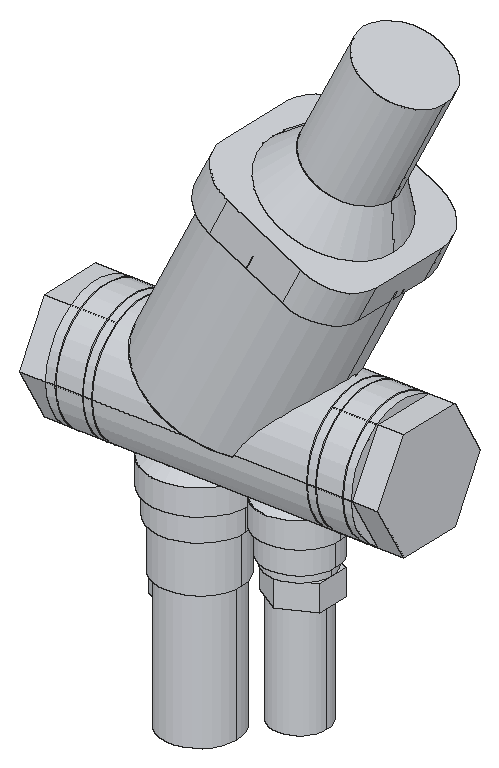
Revit family "Sigma_Compact_DN020 HF_s vyp_RFA_2019", category Pipe Accessories, Revit 2019
Family settings
  Round Connector Dimension = Use Diameter
  Part Type = Valve - Breaks Into
  Work Plane-Based = No
  Always vertical = Yes
  Cut with Voids When Loaded = No
  Shared = No
Parameters (values of type "Sigma Compact DN 20 HF s vypouštěním")
  magiProductId = "4de04bc937484e42b40234d175e017"
  magiProductFamilyId = "d1104e7aca644fe4921023cda881a0"
  magiPartTypeId = 304
  isMeasuringValve [instance] = no
  ang2D [instance] = 0.00°
  Z6 = 26.1 mm
  Z5 = 60.9 mm
  Z4 = 52.2 mm
  Z3 = 8.7 mm
  Z2 = 43.5 mm
  XR2 = 25 mm
  XR1 = 13 mm
  W2D = 15 mm
  VersionID = "2.0/2018.12.13.2/FRESE_SIGMA_PLUG_Q13_001"
  Use Minimum Symbol Size [instance] = no
  URL = "www.hydronic.cz"
  Type Comments = "závitový; vnitřní závit; PN25; max dp=400kPa; -10~+120°C; max uzavírací tlak 1MPa"
  R4 = 15 mm
  R3 = 10 mm
  R2 = 14 mm
  R1 = 19 mm
  QmdConnectorList = "301;D;302;D"
  Productdata [instance] = ""
  NL__ve = -NL  # -15.8 mm
  NL = 15.8 mm
  Manufacturer = "Hydronic System Prague s.r.o."
  MC Use Limits From Balancing Method = no
  MC Throttling Minimum Value = 0
  MC Throttling Maximum Value = 0
  MC Product Code = "53-2223 DN20 FF s měřením a vypouštěním; (102-1930 l/h); kvs=4,0"
  MC Pressure Drop Minimum Value = 0.0 Pa
  MC Pressure Drop Maximum Value = 0.0 Pa
  MC Piping Given Pressure Drop [instance] = 0.0 Pa
  M5 = 33.7 mm
  M4 = 31.7 mm
  M3 = 25.7 mm
  M2 = 23.7 mm
  LP = 39.5 mm
  LM = 47.4 mm
  LL__ve = -LL  # -5.7 mm
  LLT__ve = -LLT  # -14.9 mm
  LLT = 14.9 mm
  LLL = 11 mm
  LL3 = 41 mm
  LL2 = 32 mm
  LL = 5.7 mm
  L3 = 11 mm
  L2D_Min = 30.48 mm
  L2D = 65 mm
  Description = "Automatický vyvažovací ventil"
  DR1 = yes
  DR0 = no
  DL2 = 66 mm
  D = 20 mm
  CenSd_R2_6 = R2 * cos(30.00°)  # 12.124 mm
  CAT0 = yes
  C0D1 = yes
  C0D0 = no
Types (3, lengths in mm): name | magiProductId | Z6 | Z5 | Z4 | Z3 | Z2 | R2 | NL__ve | NL | MC Product Code | M5 | M4 | M3 | M2 | LP | LM | LL__ve | LLT__ve | LLT | LL3 | LL2 | LL | DL2 | D | CenSd_R2_6
  Sigma Compact DN 15 HF s vypouštěním | "e0eed5f915b34df8bba526f8d48f95" | 26.1 | 60.9 | 52.2 | 8.7 | 43.5 | 14 | -15 | 15 | "53-2221 DN15 FF s měřením a vypouštěním; (60-1080 l/h); kvs=2,6" | 32.5 | 30.5 | 24.5 | 22.5 | 37.5 | 45 | -5.7 | -14.9 | 14.9 | 41 | 32 | 5.7 | 66 | 15 | 12.124
  Sigma Compact DN 20 HF s vypouštěním | "4de04bc937484e42b40234d175e017" | 26.1 | 60.9 | 52.2 | 8.7 | 43.5 | 14 | -15.8 | 15.8 | "53-2223 DN20 FF s měřením a vypouštěním; (102-1930 l/h); kvs=4,0" | 33.7 | 31.7 | 25.7 | 23.7 | 39.5 | 47.4 | -5.7 | -14.9 | 14.9 | 41 | 32 | 5.7 | 66 | 20 | 12.124
  Sigma Compact DN 25 HF s vypouštěním | "353cd751c7f74c09a1eb930e23bd36" | 27 | 63 | 54 | 9 | 45 | 18 | -16.6 | 16.6 | "53-2229 DN25 FF s měřením a vypouštěním; (137-2400 l/h); kvs=4,2" | 34.9 | 32.9 | 26.9 | 24.9 | 41.5 | 49.8 | -5.9 | -16.3 | 16.3 | 43 | 34 | 5.9 | 68 | 25 | 15.588
Reference planes
  plane 1 "Center (Front/Back)": y = 0
  plane 2 "XYPLANE": z = 0
  plane 3 "Center (Left/Right)": x = 0
  plane 4 "408": x = 39.5
  plane 5 "407": x = -39.5
  plane 6 "404": z = -35.3
  plane 7 "403": z = -41
  plane 8 "402": z = -66
  plane 9 "213": x = -11
  plane 10 "168": z = -10.9
  plane 11 "167": z = -12.9
  plane 12 "166": z = -18.6
  plane 13 "165": z = -24.3
  plane 14 "164": z = -26.3
  plane 15 "154": z = 0
  plane 16 "152": y = 0
  plane 17 "151": z = -32
  plane 18 "150": x = 11
  plane 19 "75": through (318.218, 0, 679.605) normal (0.891, 0, -0.454)
  plane 20 "74": x = 33.7
  plane 21 "73": x = 31.7
  plane 22 "72": x = 25.7
  plane 23 "71": x = 23.7
  plane 24 "70": x = -33.7
  plane 25 "69": x = -31.7
  plane 26 "68": x = -25.7
  plane 27 "67": y = 0
  plane 28 "66": through (-666.893, 0, 343.166) normal (0.454, 0, 0.891)
  plane 29 "65": x = -23.7
  plane 30 "64": through (335.147, 0, 670.979) normal (0.891, 0, -0.454)
  plane 31 "63": through (-648.506, 0, 379.252) normal (0.454, 0, 0.891)
  plane 32 "62": through (352.076, 0, 662.353) normal (0.891, 0, -0.454)
  plane 33 "61": y = 19
  plane 34 "60": y = -19
  plane 35 "59": through (-644.557, 0, 387.003) normal (0.454, 0, 0.891)
  plane 36 "58": through (-640.607, 0, 394.755) normal (0.454, 0, 0.891)
  plane 37 "56": x = 0
  plane 38 "55": through (-668.255, 0, 340.493) normal (0.454, 0, 0.891)
  plane 39 "102XY": through (-668.255, 0, 340.493) normal (0.454, 0, 0.891)
  plane 40 "102XZ": y = 0
  plane 41 "102YZ": through (340.493, 0, 668.255) normal (0.891, 0, -0.454)
Forms (mm)
  Extrusion 1, solid
    sketch origin (39.5, -750, 0) x (0, 1, 0) y (0, 0, 1)
      loop
        line (764, 0) -> (757, 12.124) -> (743, 12.124) -> (736, 0) -> (743, -12.124) -> (757, -12.124) -> (764, 0)
    from 0 to -15.8 <- "NL__ve"
  Extrusion 2, solid
    sketch origin (-39.5, -750, 0) x (0, 1, 0) y (0, 0, 1)
      loop
        line (736, 0) -> (743, -12.124) -> (757, -12.124) -> (764, 0) -> (757, 12.124) -> (743, 12.124) -> (736, 0)
    from 0 to 15.8 <- "NL"
  Extrusion 3, solid, visible <- "C0D1"
    sketch origin (-750, 0, -66) x (1, 0, 0) y (0, 1, 0)
      loop
        circle (739, 0) r 8.2
    from 0 to 50
  Extrusion 4, solid, visible <- "DR1"
    sketch origin (-750, 0, -35.3) x (1, 0, 0) y (0, 1, 0)
      loop
        line (739, -8) -> (745.928, -4) -> (745.928, 4) -> (739, 8) -> (730.872, 4) -> (730.872, -4) -> (739, -8)
    from 0 to -5.7 <- "LL__ve"
  Extrusion 5, solid, visible <- "DR1"
    sketch origin (-750, 0, -35.3) x (1, 0, 0) y (0, 1, 0)
      loop
        circle (739, 0) r 9.2
    from 0 to 11 <- "LLL"
  Extrusion 6, solid, visible <- "DR1"
    sketch origin (-750, 0, -24.3) x (1, 0, 0) y (0, 1, 0)
      loop
        circle (739, 0) r 10.2
    from 0 to 5.7 <- "LL"
  Extrusion 7, solid, visible <- "DR1"
    sketch origin (-750, 0, -18.6) x (1, 0, 0) y (0, 1, 0)
      loop
        circle (739, 0) r 11.2
    from 0 to 5.7 <- "LL"
  Blend 8, solid, visible <- "DR1"
    base sketch origin (-750, 0, -10.9) x (1, 0, 0) y (0, 1, 0)
      loop
        circle (739, 0) r 8.7
    top sketch origin (-750, 0, -10.9) x (1, 0, 0) y (0, 1, 0)
      loop
        circle (739, 0) r 11.2
    from 0 to -2
  Extrusion 9, solid, visible <- "DR1"
    sketch origin (-750, 0, 0) x (1, 0, 0) y (0, 1, 0)
      loop
        circle (739, 0) r 8.7
    from 0 to -14.9 <- "LLT__ve"
  Extrusion 10, solid, visible <- "C0D0"
    sketch origin (-750, 0, -32) x (1, 0, 0) y (0, 1, 0)
      loop
        circle (739, 0) r 7.2
    from 0 to -25
  Extrusion 11, solid, visible <- "DR0"
    sketch origin (-750, 0, -26.3) x (1, 0, 0) y (0, 1, 0)
      loop
        line (739, -7) -> (745.062, -3.5) -> (745.062, 3.5) -> (739, 7) -> (731.738, 3.5) -> (731.738, -3.5) -> (739, -7)
    from 0 to -5.7 <- "LL__ve"
  Extrusion 12, solid, visible <- "DR0"
    sketch origin (-750, 0, -26.3) x (1, 0, 0) y (0, 1, 0)
      loop
        circle (739, 0) r 8.2
    from 0 to 2
  Extrusion 13, solid, visible <- "DR0"
    sketch origin (-750, 0, -18.6) x (1, 0, 0) y (0, 1, 0)
      loop
        circle (739, 0) r 10.2
    from 0 to 5.7 <- "LL"
  Blend 14, solid, visible <- "DR0"
    base sketch origin (-750, 0, -10.9) x (1, 0, 0) y (0, 1, 0)
      loop
        circle (739, 0) r 7.7
    top sketch origin (-750, 0, -10.9) x (1, 0, 0) y (0, 1, 0)
      loop
        circle (739, 0) r 10.2
    from 0 to -2
  Extrusion 15, solid, visible <- "DR0"
    sketch origin (-750, 0, 0) x (1, 0, 0) y (0, 1, 0)
      loop
        circle (739, 0) r 7.7
    from 0 to -14.9 <- "LLT__ve"
  Extrusion 16, solid, visible <- "DR0"
    sketch origin (-750, 0, 0) x (1, 0, 0) y (0, 1, 0)
      loop
        circle (739, 0) r 7.7
    from 0 to -14.9 <- "LLT__ve"
  Blend 17, solid, visible <- "DR0"
    base sketch origin (-750, 0, -10.9) x (1, 0, 0) y (0, 1, 0)
      loop
        circle (739, 0) r 7.7
    top sketch origin (-750, 0, -10.9) x (1, 0, 0) y (0, 1, 0)
      loop
        circle (739, 0) r 10.2
    from 0 to -2
  Extrusion 18, solid, visible <- "DR0"
    sketch origin (-750, 0, -18.6) x (1, 0, 0) y (0, 1, 0)
      loop
        circle (739, 0) r 10.2
    from 0 to 5.7 <- "LL"
  Extrusion 19, solid, visible <- "DR0"
    sketch origin (-750, 0, -24.3) x (1, 0, 0) y (0, 1, 0)
      loop
        circle (739, 0) r 9.2
    from 0 to 5.7 <- "LL"
  Extrusion 20, solid, visible <- "DR0"
    sketch origin (-750, 0, -26.3) x (1, 0, 0) y (0, 1, 0)
      loop
        circle (739, 0) r 8.2
    from 0 to 2
  Extrusion 21, solid, visible <- "DR0"
    sketch origin (-750, 0, -26.3) x (1, 0, 0) y (0, 1, 0)
      loop
        line (739, -7) -> (745.062, -3.5) -> (745.062, 3.5) -> (739, 7) -> (731.738, 3.5) -> (731.738, -3.5) -> (739, -7)
    from 0 to -5.7 <- "LL__ve"
  Extrusion 22, solid, visible <- "C0D0"
    sketch origin (-750, 0, -32) x (1, 0, 0) y (0, 1, 0)
      loop
        circle (739, 0) r 7.2
    from 0 to -25
  Extrusion 23, solid, visible <- "CAT0"
    sketch origin (-750, 0, -32) x (1, 0, 0) y (0, 1, 0)
      loop
        circle (761, 0) r 6
    from 0 to -25
  Extrusion 24, solid
    sketch origin (-750, 0, -26.3) x (1, 0, 0) y (0, 1, 0)
      loop
        line (761, -7) -> (768.262, -3.5) -> (768.262, 3.5) -> (761, 7) -> (754.938, 3.5) -> (754.938, -3.5) -> (761, -7)
    from 0 to -5.7 <- "LL__ve"
  Extrusion 25, solid
    sketch origin (-750, 0, -26.3) x (1, 0, 0) y (0, 1, 0)
      loop
        circle (761, 0) r 7
    from 0 to 2
  Extrusion 26, solid
    sketch origin (-750, 0, -24.3) x (1, 0, 0) y (0, 1, 0)
      loop
        circle (761, 0) r 8
    from 0 to 5.7 <- "LL"
  Extrusion 27, solid
    sketch origin (-750, 0, -18.6) x (1, 0, 0) y (0, 1, 0)
      loop
        circle (761, 0) r 9
    from 0 to 5.7 <- "LL"
  Blend 28, solid
    base sketch origin (-750, 0, -10.9) x (1, 0, 0) y (0, 1, 0)
      loop
        circle (761, 0) r 6.5
    top sketch origin (-750, 0, -10.9) x (1, 0, 0) y (0, 1, 0)
      loop
        circle (761, 0) r 9
    from 0 to -2
  Extrusion 29, solid
    sketch origin (-750, 0, 0) x (1, 0, 0) y (0, 1, 0)
      loop
        circle (761, 0) r 6.5
    from 0 to -14.9 <- "LLT__ve"
  Blend 30, solid, visible <- "CAT0"
    base sketch origin (31.7, -750, 0) x (0, 1, 0) y (0, 0, 1)
      loop
        circle (750, 0) r 14
    top sketch origin (31.7, -750, 0) x (0, 1, 0) y (0, 0, 1)
      loop
        circle (750, 0) r 14
    from 0 to 2
  Extrusion 31, solid, visible <- "CAT0"
    sketch origin (25.7, -750, 0) x (0, 1, 0) y (0, 0, 1)
      loop
        circle (750, 0) r 14
    from 0 to 6
  Blend 32, solid, visible <- "CAT0"
    base sketch origin (23.7, -750, 0) x (0, 1, 0) y (0, 0, 1)
      loop
        circle (750, 0) r 14
    top sketch origin (23.7, -750, 0) x (0, 1, 0) y (0, 0, 1)
      loop
        circle (750, 0) r 14
    from 0 to 2
  Blend 33, solid, visible <- "CAT0"
    base sketch origin (-31.7, -750, 0) x (0, 1, 0) y (0, 0, 1)
      loop
        circle (750, 0) r 14
    top sketch origin (-31.7, -750, 0) x (0, 1, 0) y (0, 0, 1)
      loop
        circle (750, 0) r 14
    from 0 to -2
  Extrusion 34, solid, visible <- "CAT0"
    sketch origin (-31.7, -750, 0) x (0, 1, 0) y (0, 0, 1)
      loop
        circle (750, 0) r 14
    from 0 to 6
  Blend 35, solid, visible <- "CAT0"
    base sketch origin (-25.7, -750, 0) x (0, 1, 0) y (0, 0, 1)
      loop
        circle (750, 0) r 14
    top sketch origin (-25.7, -750, 0) x (0, 1, 0) y (0, 0, 1)
      loop
        circle (750, 0) r 14
    from 0 to 2
  Extrusion 36, solid, visible <- "CAT0"
    sketch origin (-23.7, -750, 0) x (0, 1, 0) y (0, 0, 1)
      loop
        circle (750, 0) r 14
    from 0 to 47.4 <- "LM"
  Extrusion 37, solid, visible <- "CAT0"
    sketch origin (-666.893, 0, 343.166) x (0.891007, 0, -0.45399) y (0, 1, 0)
      loop
        circle (744, 0) r 19
    from 0 to 43.5 <- "Z2"
  Extrusion 38, solid, visible <- "CAT0"
    sketch origin (-648.506, 0, 379.252) x (0.891007, 0, -0.45399) y (0, 1, 0)
      loop
        arc (735, 19) -> (727.929, 16.071) -> (725, 9) r 10
        line (725, 9) -> (725, -9)
        arc (725, -9) -> (727.929, -16.071) -> (735, -19) r 10
        line (735, -19) -> (753, -19)
        arc (753, -19) -> (760.071, -16.071) -> (763, -9) r 10
        line (763, -9) -> (763, 9)
        arc (763, 9) -> (760.071, 16.071) -> (753, 19) r 10
        line (753, 19) -> (735, 19)
    from 0 to 8.7 <- "Z3"
  Blend 39, solid, visible <- "CAT0"
    base sketch origin (-644.557, 0, 387.003) x (0.891007, 0, -0.45399) y (0, 1, 0)
      loop
        circle (744, 0) r 15
    top sketch origin (-644.557, 0, 387.003) x (0.891007, 0, -0.45399) y (0, 1, 0)
      loop
        circle (744, 0) r 10
    from 0 to 8.7
  Extrusion 40, solid, visible <- "CAT0"
    sketch origin (-640.607, 0, 394.755) x (0.891007, 0, -0.45399) y (0, 1, 0)
      loop
        circle (744, 0) r 10
    from 0 to 26.1 <- "Z6"
  Blend 41, solid, visible <- "CAT0"
    base sketch origin (-668.255, 0, 340.493) x (0.891007, 0, -0.45399) y (0, 1, 0)
      loop
        circle (744, 0) r 15
    top sketch origin (-668.255, 0, 340.493) x (0.891007, 0, -0.45399) y (0, 1, 0)
      loop
        circle (744, 0) r 19
    from 0 to 3
  Extrusion 42, solid, not visible
    sketch origin (-33.7, -750, 0) x (0, 1, 0) y (0, 0, 1)
      loop
        circle (750, 0) r 10
    from 0 to 10
  Extrusion 43, solid, not visible
    sketch origin (33.7, -750, 0) x (0, 1, 0) y (0, 0, 1)
      loop
        circle (750, 0) r 10
    from 0 to -10
Lines and regions (mm)
  reference lines, not visible
    curve 1: circle (2, 2, 0) r 1 normal (0, 0, 1)
  reference lines
    curve 2: line (39.5, 0, 0) -> (39.5, -3.5, 6.062)
    curve 3: line (39.5, 0, 0) -> (39.5, -7, 0)
    curve 4: line (39.5, 0, 0) -> (39.5, -3.5, -6.062)
    curve 5: line (-39.5, 0, 0) -> (-39.5, 3.5, 6.062)
    curve 6: line (-39.5, 0, 0) -> (-39.5, 7, 0)
    curve 7: line (-39.5, 0, 0) -> (-39.5, 3.5, -6.062)
Dimensions and locks
  plane 1 "Center (Front/Back)" to curve 1 = 2 mm
  "LP": plane 37 "56" to plane 4 "408"
  "LP": plane 37 "56" to plane 5 "407"
  "LL": plane 7 "403" to plane 6 "404"
  "LL3": plane 2 "XYPLANE" to plane 7 "403"
  "DL2": plane 2 "XYPLANE" to plane 8 "402"
  "L3": plane 3 "Center (Left/Right)" to plane 9 "213"
  locked: plane 11 "167" to plane 10 "168" at 2
  "LL": plane 12 "166" to plane 11 "167"
  "LL": plane 13 "165" to plane 12 "166"
  locked: plane 14 "164" to plane 13 "165" at 2
  "LL": plane 17 "151" to plane 14 "164"
  locked: plane 2 "XYPLANE" to plane 15 "154"
  locked: plane 1 "Center (Front/Back)" to plane 16 "152"
  "LL2": plane 2 "XYPLANE" to plane 17 "151"
  "L3": plane 3 "Center (Left/Right)" to plane 18 "150"
  "XR2": plane 41 "102YZ" to plane 19 "75"
  "M5": plane 3 "Center (Left/Right)" to plane 20 "74"
  "M4": plane 3 "Center (Left/Right)" to plane 21 "73"
  "M3": plane 3 "Center (Left/Right)" to plane 22 "72"
  "M2": plane 3 "Center (Left/Right)" to plane 23 "71"
  "M5": plane 3 "Center (Left/Right)" to plane 24 "70"
  "M4": plane 3 "Center (Left/Right)" to plane 25 "69"
  "M3": plane 3 "Center (Left/Right)" to plane 26 "68"
  locked: plane 16 "152" to plane 27 "67"
  locked: plane 39 "102XY" to plane 28 "66" at 3
  "M2": plane 3 "Center (Left/Right)" to plane 29 "65"
  locked: plane 41 "102YZ" to plane 30 "64" at 6
  "Z2": plane 39 "102XY" to plane 31 "63"
  "XR1": plane 41 "102YZ" to plane 32 "62"
  "R1": plane 16 "152" to plane 33 "61"
  "R1": plane 16 "152" to plane 34 "60"
  "Z4": plane 39 "102XY" to plane 35 "59"
  "Z5": plane 39 "102XY" to plane 36 "58"
  locked: plane 3 "Center (Left/Right)" to plane 37 "56"
  locked: plane 39 "102XY" to plane 38 "55"
  "CenSd_R2_6": curve 2 to Extrusion 1 sketch curve  (x2)
  "CenSd_R2_6": curve 3 to Extrusion 1 sketch curve  (x2)
  "CenSd_R2_6": curve 4 to Extrusion 1 sketch curve  (x2)
  Extrusion 1 sketch curve to Extrusion 1 sketch curve = 0 mm  (x12)
  "CenSd_R2_6": curve 5 to Extrusion 2 sketch curve  (x2)
  "CenSd_R2_6": curve 6 to Extrusion 2 sketch curve  (x2)
  "CenSd_R2_6": curve 7 to Extrusion 2 sketch curve  (x2)
  Extrusion 2 sketch curve to Extrusion 2 sketch curve = 0 mm  (x12)
  Extrusion 4 sketch curve to Extrusion 4 sketch curve = 0 mm  (x12)
  Extrusion 11 sketch curve to Extrusion 11 sketch curve = 0 mm  (x12)
  Extrusion 21 sketch curve to Extrusion 21 sketch curve = 0 mm  (x12)
  Extrusion 24 sketch curve to Extrusion 24 sketch curve = 0 mm  (x12)
  Extrusion 38 sketch curve to Extrusion 38 sketch curve = 0 mm  (x16)
  "R2": radius of Blend 30 sketch curve  (x2)
  "R2": radius of Extrusion 31 sketch curve
  "R2": radius of Blend 32 sketch curve  (x2)
  "R2": radius of Blend 33 sketch curve  (x2)
  "R2": radius of Extrusion 34 sketch curve
  "R2": radius of Blend 35 sketch curve  (x2)
  "R2": radius of Extrusion 36 sketch curve
  "R1": radius of Extrusion 37 sketch curve
  radius of Extrusion 38 sketch curve = 10 mm  (x4)
  "R3": radius of Blend 39 sketch curve
  "R4": radius of Blend 39 sketch curve
  "R3": radius of Extrusion 40 sketch curve
  "R1": radius of Blend 41 sketch curve
  locked: curve 3 to curve 2 (angle 60.00°)
  locked: curve 4 to curve 3 (angle 60.00°)
  locked: curve 4 to curve 2 (angle 120.00°)
  locked: curve 6 to curve 5 (angle 60.00°)
  locked: curve 7 to curve 6 (angle 60.00°)
  locked: curve 7 to curve 5 (angle 120.00°)
  aligned and locked: level to plane 2 "XYPLANE"
  aligned and locked: plane 15 "154" to curve 4
  aligned and locked: curve 4 to plane 16 "152"
  aligned and locked: plane 15 "154" to curve 7
  aligned and locked: curve 7 to plane 16 "152"
  aligned and locked: plane 9 "213" to Extrusion 3 sketch curve
  aligned and locked: plane 16 "152" to Extrusion 3 sketch curve
  aligned and locked: plane 9 "213" to Extrusion 5 sketch curve
  aligned and locked: plane 16 "152" to Extrusion 5 sketch curve
  aligned and locked: plane 9 "213" to Extrusion 6 sketch curve
  aligned and locked: plane 16 "152" to Extrusion 6 sketch curve
  aligned and locked: plane 9 "213" to Extrusion 7 sketch curve
  aligned and locked: plane 16 "152" to Extrusion 7 sketch curve
  aligned and locked: plane 9 "213" to Blend 8 sketch curve  (x2)
  aligned and locked: plane 16 "152" to Blend 8 sketch curve  (x2)
  aligned and locked: Blend 8 to plane 11 "167"
  aligned and locked: plane 9 "213" to Extrusion 9 sketch curve
  aligned and locked: plane 16 "152" to Extrusion 9 sketch curve
  aligned and locked: plane 9 "213" to Extrusion 10 sketch curve
  aligned and locked: plane 16 "152" to Extrusion 10 sketch curve
  aligned and locked: plane 9 "213" to Extrusion 12 sketch curve
  aligned and locked: plane 16 "152" to Extrusion 12 sketch curve
  aligned and locked: plane 9 "213" to Extrusion 13 sketch curve
  aligned and locked: plane 16 "152" to Extrusion 13 sketch curve
  aligned and locked: plane 9 "213" to Blend 14 sketch curve  (x2)
  aligned and locked: plane 16 "152" to Blend 14 sketch curve  (x2)
  aligned and locked: Blend 14 to plane 11 "167"
  aligned and locked: plane 9 "213" to Extrusion 15 sketch curve
  aligned and locked: plane 16 "152" to Extrusion 15 sketch curve
  aligned and locked: plane 9 "213" to Extrusion 16 sketch curve
  aligned and locked: plane 16 "152" to Extrusion 16 sketch curve
  aligned and locked: plane 9 "213" to Blend 17 sketch curve  (x2)
  aligned and locked: plane 16 "152" to Blend 17 sketch curve  (x2)
  aligned and locked: Blend 17 to plane 11 "167"
  aligned and locked: plane 9 "213" to Extrusion 18 sketch curve
  aligned and locked: plane 16 "152" to Extrusion 18 sketch curve
  aligned and locked: plane 9 "213" to Extrusion 19 sketch curve
  aligned and locked: plane 16 "152" to Extrusion 19 sketch curve
  aligned and locked: plane 9 "213" to Extrusion 20 sketch curve
  aligned and locked: plane 16 "152" to Extrusion 20 sketch curve
  aligned and locked: plane 9 "213" to Extrusion 22 sketch curve
  aligned and locked: plane 16 "152" to Extrusion 22 sketch curve
  aligned and locked: plane 16 "152" to Extrusion 23 sketch curve
  aligned and locked: plane 18 "150" to Extrusion 23 sketch curve
  aligned and locked: plane 16 "152" to Extrusion 25 sketch curve
  aligned and locked: plane 18 "150" to Extrusion 25 sketch curve
  aligned and locked: plane 16 "152" to Extrusion 26 sketch curve
  aligned and locked: plane 18 "150" to Extrusion 26 sketch curve
  aligned and locked: plane 16 "152" to Extrusion 27 sketch curve
  aligned and locked: plane 18 "150" to Extrusion 27 sketch curve
  aligned and locked: plane 16 "152" to Blend 28 sketch curve  (x2)
  aligned and locked: plane 18 "150" to Blend 28 sketch curve  (x2)
  aligned and locked: Blend 28 to plane 11 "167"
  aligned and locked: plane 16 "152" to Extrusion 29 sketch curve
  aligned and locked: plane 18 "150" to Extrusion 29 sketch curve
  aligned and locked: plane 15 "154" to Blend 30 sketch curve  (x2)
  aligned and locked: Blend 30 sketch curve to plane 16 "152"  (x2)
  aligned and locked: plane 20 "74" to Blend 30
  aligned and locked: plane 15 "154" to Extrusion 31 sketch curve
  aligned and locked: Extrusion 31 sketch curve to plane 16 "152"
  aligned and locked: plane 15 "154" to Blend 32 sketch curve  (x2)
  aligned and locked: Blend 32 sketch curve to plane 16 "152"  (x2)
  aligned and locked: plane 22 "72" to Blend 32
  aligned and locked: plane 15 "154" to Blend 33 sketch curve  (x2)
  aligned and locked: Blend 33 sketch curve to plane 16 "152"  (x2)
  aligned and locked: Blend 33 to plane 24 "70"
  aligned and locked: plane 15 "154" to Extrusion 34 sketch curve
  aligned and locked: Extrusion 34 sketch curve to plane 16 "152"
  aligned and locked: plane 15 "154" to Blend 35 sketch curve  (x2)
  aligned and locked: Blend 35 sketch curve to plane 16 "152"  (x2)
  aligned and locked: plane 29 "65" to Blend 35
  aligned and locked: plane 15 "154" to Extrusion 36 sketch curve
  aligned and locked: Extrusion 36 sketch curve to plane 16 "152"
  aligned and locked: plane 27 "67" to Extrusion 37 sketch curve
  aligned and locked: Extrusion 37 sketch curve to plane 30 "64"
  aligned and locked: Extrusion 38 sketch curve to plane 19 "75"
  aligned and locked: Extrusion 38 sketch curve to plane 34 "60"
  aligned and locked: Extrusion 38 sketch curve to plane 32 "62"
  aligned and locked: plane 33 "61" to Extrusion 38 sketch curve
  aligned and locked: plane 27 "67" to Blend 39 sketch curve  (x2)
  aligned and locked: Blend 39 sketch curve to plane 30 "64"  (x2)
  aligned and locked: plane 36 "58" to Blend 39
  aligned and locked: plane 27 "67" to Extrusion 40 sketch curve
  aligned and locked: Extrusion 40 sketch curve to plane 30 "64"
  aligned and locked: plane 27 "67" to Blend 41 sketch curve  (x2)
  aligned and locked: Blend 41 sketch curve to plane 30 "64"  (x2)
  aligned and locked: plane 28 "66" to Blend 41
  aligned and locked: plane 15 "154" to Extrusion 42 sketch curve
  aligned and locked: Extrusion 42 sketch curve to plane 16 "152"
  aligned and locked: plane 15 "154" to Extrusion 43 sketch curve
  aligned and locked: Extrusion 43 sketch curve to plane 16 "152"
Automatic sketch dimensions
  plane 29 "65" to Extrusion 3 sketch curve = 4.5 mm
  Extrusion 4 sketch curve to plane 9 "213" = 0 mm  (x2)
  plane 29 "65" to Extrusion 4 sketch curve = 4.572 mm
  Extrusion 4 sketch curve to plane 3 "Center (Left/Right)" = 4.072 mm
  plane 1 "Center (Front/Back)" to Extrusion 4 sketch curve = 8 mm
  plane 1 "Center (Front/Back)" to Extrusion 4 sketch curve = 4 mm  (x2)
  Extrusion 4 sketch curve to plane 1 "Center (Front/Back)" = 4 mm  (x2)
  Extrusion 4 sketch curve to Extrusion 4 sketch curve = 4 mm
  plane 29 "65" to Extrusion 5 sketch curve = 3.5 mm
  plane 29 "65" to Extrusion 6 sketch curve = 2.5 mm
  plane 29 "65" to Extrusion 7 sketch curve = 1.5 mm
  plane 29 "65" to Blend 8 sketch curve = 4 mm
  plane 29 "65" to Blend 8 sketch curve = 1.5 mm
  plane 29 "65" to Extrusion 9 sketch curve = 4 mm
  plane 29 "65" to Extrusion 10 sketch curve = 5.5 mm
  Extrusion 11 sketch curve to plane 9 "213" = 0 mm  (x2)
  plane 29 "65" to Extrusion 11 sketch curve = 5.438 mm
  Extrusion 11 sketch curve to plane 3 "Center (Left/Right)" = 4.938 mm
  plane 1 "Center (Front/Back)" to Extrusion 11 sketch curve = 7 mm
  plane 1 "Center (Front/Back)" to Extrusion 11 sketch curve = 3.5 mm  (x2)
  Extrusion 11 sketch curve to plane 1 "Center (Front/Back)" = 3.5 mm  (x2)
  Extrusion 11 sketch curve to Extrusion 11 sketch curve = 3.5 mm
  plane 29 "65" to Extrusion 12 sketch curve = 4.5 mm
  plane 29 "65" to Extrusion 13 sketch curve = 2.5 mm
  plane 29 "65" to Blend 14 sketch curve = 5 mm
  plane 29 "65" to Blend 14 sketch curve = 2.5 mm
  plane 29 "65" to Extrusion 15 sketch curve = 5 mm
  plane 29 "65" to Extrusion 16 sketch curve = 5 mm
  plane 29 "65" to Blend 17 sketch curve = 5 mm
  plane 29 "65" to Blend 17 sketch curve = 2.5 mm
  plane 29 "65" to Extrusion 18 sketch curve = 2.5 mm
  plane 29 "65" to Extrusion 19 sketch curve = 3.5 mm
  plane 29 "65" to Extrusion 20 sketch curve = 4.5 mm
  Extrusion 21 sketch curve to plane 9 "213" = 0 mm  (x2)
  plane 29 "65" to Extrusion 21 sketch curve = 5.438 mm
  Extrusion 21 sketch curve to plane 3 "Center (Left/Right)" = 4.938 mm
  plane 1 "Center (Front/Back)" to Extrusion 21 sketch curve = 7 mm
  plane 1 "Center (Front/Back)" to Extrusion 21 sketch curve = 3.5 mm  (x2)
  Extrusion 21 sketch curve to plane 1 "Center (Front/Back)" = 3.5 mm  (x2)
  Extrusion 21 sketch curve to Extrusion 21 sketch curve = 3.5 mm
  plane 29 "65" to Extrusion 22 sketch curve = 5.5 mm
  plane 3 "Center (Left/Right)" to Extrusion 23 sketch curve = 5 mm
  Extrusion 24 sketch curve to plane 18 "150" = 0 mm  (x2)
  plane 3 "Center (Left/Right)" to Extrusion 24 sketch curve = 4.938 mm
  Extrusion 24 sketch curve to plane 23 "71" = 5.438 mm
  plane 1 "Center (Front/Back)" to Extrusion 24 sketch curve = 7 mm
  plane 1 "Center (Front/Back)" to Extrusion 24 sketch curve = 3.5 mm  (x2)
  Extrusion 24 sketch curve to plane 1 "Center (Front/Back)" = 3.5 mm  (x2)
  Extrusion 24 sketch curve to Extrusion 24 sketch curve = 3.5 mm
  plane 3 "Center (Left/Right)" to Extrusion 25 sketch curve = 4 mm
  plane 3 "Center (Left/Right)" to Extrusion 26 sketch curve = 3 mm
  plane 3 "Center (Left/Right)" to Extrusion 27 sketch curve = 2 mm
  plane 3 "Center (Left/Right)" to Blend 28 sketch curve = 4.5 mm
  plane 3 "Center (Left/Right)" to Blend 28 sketch curve = 2 mm
  plane 3 "Center (Left/Right)" to Extrusion 29 sketch curve = 4.5 mm
  plane 19 "75" to Blend 41 sketch curve = 4 mm
  plane 34 "60" to Extrusion 42 sketch curve = 9 mm
  plane 34 "60" to Extrusion 43 sketch curve = 9 mm
  plane 3 "Center (Left/Right)" to curve 1 = 2 mm
  radius of curve 1 = 1 mm
Connectors
  piping at (-33.7, 0, 0), diameter 20, driven by "D"
    settings: on Extrusion 42, index 1, connector inside diameter 609.6 mm, connector length 0 mm, flow factor 0, pipe flow 0.0 L/s, pressure drop 0.0 Pa, fitting loss kfactor 0, connector angle 0.00°, fixture units 0, engagement length 0 mm, angle of deflection 0.00°, flow configuration 0, flow direction 0, fitting loss method 0, system type 29, joint type 0, gender type 0, connector reference index 2, connector utility 0, adjustable connector no, is connector primary yes, connector description ""
  piping at (33.7, 0, 0), diameter 20, driven by "D"
    settings: on Extrusion 43, index 2, connector inside diameter 609.6 mm, connector length 0 mm, flow factor 0, pipe flow 0.0 L/s, pressure drop 0.0 Pa, fitting loss kfactor 0, connector angle 0.00°, fixture units 0, engagement length 0 mm, angle of deflection 0.00°, flow configuration 0, flow direction 0, fitting loss method 0, system type 29, joint type 0, gender type 0, connector reference index 1, connector utility 0, adjustable connector no, is connector primary no, connector description ""
